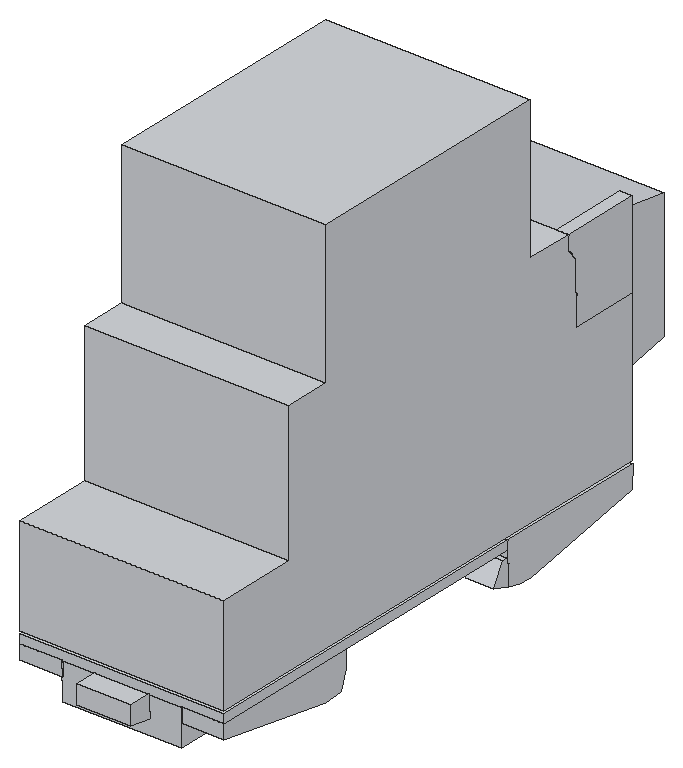
Revit family "Gira_216700", category Electrical Fixtures, host Face, Revit 2017
Family settings
  Host = Face
  Maintain Annotation Orientation = No
  Round Connector Dimension = Use Diameter
  Part Type = Normal
  Cut with Voids When Loaded = No
  Shared = No
  Room Calculation Point = No
Parameters (values of type "KNX IP router KNX DRA")
  With label area = no
  URL = "https://www.gira.de/"
  Type of voltage (input voltage) = ""
  Type Comments = ""
  Transparent = no
  Surface protection = ""
  Surface finishing = ""
  Radio frequent bidirectional = no
  Number of inputs = 0
  Model = ""
  Material quality = ""
  Material = ""
  Manufacturer = "Gira"
  Keynote = ""
  Input voltage [Volt] = ""
  HeinzeBIM = "https://www.heinze.de/bim/knx-ip-router-knx-dra/ae5a2d61a97159a84ca3a2909b559f3bdc49fc3b"
  HAN = "216700"
  GTIN = "4010337084440"
  Description = "IP router DRA KNX KNX IP router,DRA plus Features: - Connection of KNX lines with aid of data networks and use of the Internet protocol (IP). - Coupling of a KNX system together with the Gira HomeServer or Gira FacilityServer. - Filtering and forwarding of telegrams. - Use as line or area coupler. - Use as KNX clock. - Recording of KNX telegrams on a microSD card. - Hardware from index status I14 prepared for KNX Secure (additional firmware update required). - Up to four tunnelling connection possible simultaneously. - Reliable communication for automatic correction of telegram losses in WLAN (Reliable Communication).,Notes : - Supply via external DC 24 V. - The Gira Project Assistant (GPA) is required for firmware updates. The GPA is available free of charge in the Gira download area."
  Default Elevation = 1219.2 mm
  Cost = 0
  Colour = ""
  Bus connection included = no
  BIMSITE_PRODUCT_ID = "ae5a2d61a97159a84ca3a2909b559f3bdc49fc3b"
  BIM = "https://media.live.bim.site/t/eyJhbGciOiJIUzI1NiIsInR5cCI6IkpXVCJ9.eyJjdCI6MSwidGYiOiJwdWJsaWMvZ2lyYS8wOWY1ZGI1L0dpcmEgWDEgUkVHIEtOWC5yZmEiLCJjaWQiOiJmZWQ5OGU5YS0xYmQ4LTRjNjgtYTczYi03NGE5NGUzMTU4MjMiLCJyaWQiOiI2MjFjODkxYTgzYjJmOGFmMzNhNWU3NDI0NzY1NzUyNSIsInBpZCI6ImFlNWEyZDYxYTk3MTU5YTg0Y2EzYTI5MDliNTU5ZjNiZGM0OWZjM2IiLCJzaWQiOiI2MzQ3MCIsInV0Ijo1LCJsYyI6ImVuIiwiaWF0IjoxNjA3NDM3Njk4LCJpc3MiOiJodHRwczovL2FwaS5saXZlLmJpbS5zaXRlIiwic3ViIjoiOGQzYWE1Y2ItZTA2Ni00NTk4LWJlMTYtNmUxNmVlNzQ5NTZhIn0.c_Z1cQ8X_sERCj4A2P9Pcn66U2Giex6FbCgU1KO7x54/Gira X1 REG KNX.rfa"
  Assembly Code = ""
Reference planes
  plane 1 "Center (Front/Back)": y = 0
  plane 2: z = 0
  plane 3 "Center (Left/Right)": x = 0
Forms (mm)
  Extrusion 1, solid, detail levels fine
    sketch origin (0, -0.2, 0) x (0, 1, 0) y (0, 0, 1)
      loop
        line (22.65, 43.82) -> (22.65, 68.77) -> (-22.25, 68.77) -> (-22.25, 43.82) -> (-30.4, 43.82) -> (-30.4, 19.42) -> (-44.8, 19.42) -> (-44.8, 1.97) -> (45.192, 1.97) -> (45.192, 28.47) -> (32.925, 28.47) -> (32.831, 39.259) -> (31.225, 41.242) -> (31.225, 43.82) -> (22.65, 43.82)
    from -17.95 to 17.95
  Extrusion 2, solid, detail levels fine
    sketch origin (0, -0.2, 0) x (0, 1, 0) y (0, 0, 1)
      loop
        line (45.192, 43.82) -> (31.225, 43.82) -> (31.225, 41.242) -> (32.831, 39.259) -> (32.925, 28.47) -> (45.192, 28.47) -> (45.192, 43.82)
    from -17.95 to -15.8
  Extrusion 3, solid, detail levels fine
    sketch origin (0, -0.2, 0) x (0, 1, 0) y (0, 0, -1)
      loop
        line (45.192, -43.82) -> (45.192, -28.47) -> (32.925, -28.47) -> (32.831, -39.259) -> (31.225, -41.242) -> (31.225, -43.82) -> (45.192, -43.82)
    from -17.95 to -15.8
  Extrusion 4, solid, detail levels fine
    sketch origin (0, -0.2, 0) x (0, 1, 0) y (0, 0, 1)
      loop
        line (31.5, 42.848) -> (31.5, 40.412)
        arc (31.5, 40.412) -> (38.359, 39.512) -> (45.192, 38.435) r 267
        line (45.192, 38.435) -> (45.192, 14.255)
        arc (45.192, 14.255) -> (50.205, 15.189) -> (55.2, 16.219) r 264.9
        line (55.2, 16.219) -> (55.2, 38.933)
        arc (55.2, 38.933) -> (43.394, 41.159) -> (31.5, 42.848) r 265
    from -15.506 to 15.5
  Extrusion 5, solid, detail levels fine
    sketch origin (0, -0.2, 0) x (0, 1, 0) y (0, 0, 1)
      loop
        line (45.2, 1.5) -> (17.774, 1.5) -> (17.905, -6.017)
        arc (17.905, -6.017) -> (20.285, -6.454) -> (22.7, -6.6) r 20
        arc (22.7, -6.6) -> (33.985, -5.009) -> (45.128, -2.618) r 160
        line (45.128, -2.618) -> (45.2, 1.5)
    from -17.95 to 18
  Extrusion 6, solid, detail levels fine
    sketch origin (0, -0.2, 0) x (0, 1, 0) y (0, 0, 1)
      loop
        line (17.905, -6.017) -> (17.824, -1.4) -> (16.8, -1.4) -> (14.749, -4.952)
        arc (14.749, -4.952) -> (16.305, -5.55) -> (17.905, -6.017) r 20
    from -17.95 to -13
  Extrusion 7, solid, detail levels fine
    sketch origin (0, -0.2, 0) x (0, 1, 0) y (0, 0, -1)
      loop
        arc (17.905, 6.017) -> (16.305, 5.55) -> (14.749, 4.952) r 20
        line (14.749, 4.952) -> (16.8, 1.4) -> (17.824, 1.4) -> (17.905, 6.017)
    from -17.95 to -13
  Extrusion 8, solid, detail levels fine
    sketch origin (0, -0.2, 0) x (0, 1, 0) y (0, 0, 1)
      loop
        line (17.8, 0) -> (17.774, 1.5) -> (-44.8, 1.5) -> (-44.774, 0) -> (17.8, 0)
    from -17.95 to 17.95
  Extrusion 9, solid, detail levels fine
    sketch origin (0, 0, 0) x (0, 1, 0) y (0, 0, 1)
      loop
        line (-48.916, -3.317) -> (-44.906, -3.881) -> (-44.974, 0) -> (-48.916, 0) -> (-48.916, -3.317)
    from -4.803 to 4.797
  Extrusion 10, solid, detail levels fine
    sketch origin (0, 0, 0) x (0, 1, 0) y (0, 0, 1)
      loop
        arc (-22.5, -6.6) -> (-20.811, -6.529) -> (-19.134, -6.315) r 20
        line (-19.134, -6.315) -> (-18.029, -3.279) -> (-18, 0) -> (-44.974, 0) -> (-44.928, -2.618)
        arc (-44.928, -2.618) -> (-33.785, -5.009) -> (-22.5, -6.6) r 160
    from -17.95 to -10.5
  Extrusion 11, solid, detail levels fine
    sketch origin (0, 0, 0) x (0, 1, 0) y (0, 0, -1)
      loop
        arc (-22.5, 6.6) -> (-33.785, 5.009) -> (-44.928, 2.618) r 160
        line (-44.928, 2.618) -> (-44.974, 0) -> (-18, 0) -> (-18.029, 3.279) -> (-19.134, 6.315)
        arc (-19.134, 6.315) -> (-20.811, 6.529) -> (-22.5, 6.6) r 20
    from -17.95 to -10.5
  Extrusion 12, solid, detail levels fine
    sketch origin (0, 0, 0) x (0, 1, 0) y (0, 0, 1)
      loop
        line (-30.708, -6.6) -> (-30.65, 0) -> (-44.974, 0) -> (-44.859, -6.6) -> (-30.708, -6.6)
    from -10.5 to 10.5
  Extrusion 13, solid, detail levels fine
    sketch origin (0, 0, 0) x (1, 0, 0) y (0, 1, 0)
      loop
        circle (-0.003, -20.023) r 1
    from -7.682 to 0
  Extrusion 14, solid, detail levels fine
    sketch origin (0, 0, 0) x (0, 1, 0) y (0, 0, 1)
      loop
        line (-17.523, -0.8) -> (-17.523, 0) -> (-30.65, 0) -> (-30.684, -3.9) -> (-27.106, -3.9) -> (-27.106, -5.6) -> (-19.623, -6.6) -> (-18.03, -6.6) -> (-15.023, -2.682) -> (-15.023, -1.517) -> (-17.523, -0.8)
    from -4.503 to 4.5
  Extrusion 15, solid, detail levels fine
    sketch origin (0, 0, 0) x (1, 0, 0) y (0, 1, 0)
      loop
        line (16.859, 43.848) -> (-16.859, 43.848) -> (-16.859, -43.859) -> (16.859, -43.859) -> (16.859, 43.848)
    from 1.5 to 4
  Extrusion 16, solid, detail levels medium
    sketch origin (0, 0, 0) x (0, 1, 0) y (0, 0, 1)
      loop
        line (22.45, 68.77) -> (-22.45, 68.77) -> (-22.45, 43.82) -> (-30.6, 43.82) -> (-30.6, 19.42) -> (-45, 19.42) -> (-45, 0) -> (-48.916, 0) -> (-48.916, -6.6) -> (-15.023, -6.6) -> (-15.023, 0) -> (14.549, 0) -> (14.549, -6.6) -> (44.992, -6.6) -> (44.992, 14.255)
        arc (44.992, 14.255) -> (50.005, 15.189) -> (55, 16.219) r 264.9
        line (55, 16.219) -> (55, 38.933)
        arc (55, 38.933) -> (50.005, 39.943) -> (44.992, 40.856) r 265
        line (44.992, 40.856) -> (44.992, 43.82) -> (22.45, 43.82) -> (22.45, 68.77)
    from -17.95 to 17.95
  Extrusion 17, solid, detail levels coarse
    sketch origin (0, 0, 0) x (1, 0, 0) y (0, 1, 0)
      loop
        line (-17.95, 55) -> (-17.95, -48.916) -> (17.95, -48.916) -> (17.95, 55) -> (-17.95, 55)
    from -7.682 to 68.77
Dimensions and locks
  aligned and locked: plane 2 to host face
  aligned and locked: level to host face
Connectors
  electrical at (0, -13.687, 0)
    settings: on Extrusion 8, index 1, voltage 24 V, apparent load 0 VA, apparent load phase1 0 VA, apparent load phase2 0 VA, apparent load phase3 0 VA, power factor 1, load classification "Other", number of poles 1, system type 30, power factor state 1, is connector primary yes, connector utility no, sub classification motor no, connector description ""
